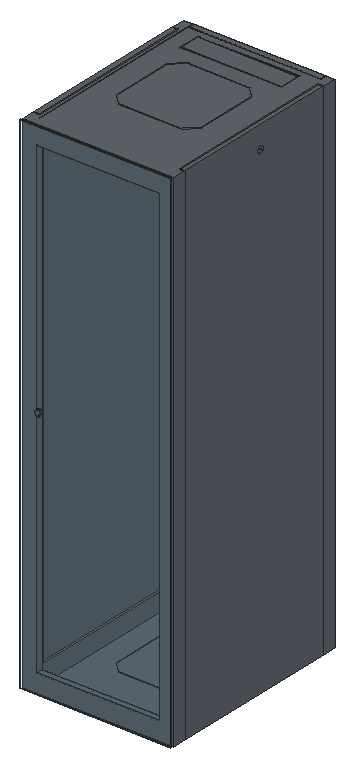
Revit family "Baies Linkeo avec porte avant simple largeur 600", category Equipement spécialisé, Revit 2020
Family settings
  Cote de connecteur circulaire = Utiliser le diamètre
  Type d'élément = Normal
  Numéro OmniClass = 23.85.05.17.11.14
  Titre OmniClass = Multimedia Broadcasting Equipment
  Basée sur le plan de construction = Non
  Toujours verticalement = Oui
  Couper avec des vides une fois chargée = Non
  Partagée = Oui
  Point de calcul de pièce = Non
Parameters (values of type "Baie Linkeo2 42U 600x800")
  Verrouillage de la porte avant = "A un point"
  Type de montage = "Frontal"
  Type d'aération = "Aucune"
  Température de stockage = "-25°C à 70°C"
  Température de fonctionnement = "-25°C à 70°C"
  Référence Legrand = "646761"
  RAL = "7016"
  Profondeur du modèle = 800.00 mm
  Profondeur = 830.00 mm
  Passage utile en largeur (mm) = 690.00 mm
  Passage utile en hauteur (mm) = 1881.00 mm
  Nombre de portes = "1"
  Nombre d'unités en hauteur = 42
  Modèle de largeur = 600.00 mm
  Modèle = "Corps fixe"
  Matériau de la porte avant = Verre
  Matériau = "Acier"
  Lien e-catalogue = "https://www.legrand.fr/reference/646761/pro"
  Libellé BIM = "Baie Linkeo2 42U 600x800"
  Largeur (mm) = 610.00 mm
  Indice de protection IP = "IP20"
  Type de pieds de nivellement = "Pieds de nivellement  600X800"
  Type de montants verticaux = "Montants verticaux pour armoires Linkeo  42U"
  Type de montants horizontaux = "Montants horizontaux pour armoires Linkeo  42U profondeur 800"
  Indice de protection IK = "IK08"
  Symbole de porte = "Symbole de porte  Porte 600mm"
  Hauteur = 2026.00 mm
  Fonction = "Baie Linkeo2"
  Finition du rail profilé = "Recourbée"
  Finition de surface = "Poudré"
  Emplacement de rack = 93.00 mm
  Elévation par défaut = 0.00 mm
  EAN = "3414971001558"
  Distance ouverture 1 = 257.00 mm
  Dimension modulaire = "19 pouces"
  Couleur = gris
  Classe d'application = "EC002499"
  Capacité de charge max = "400"
  Avec tôle de toit = yes
  Avec porte frontale = yes
  Avec mise à la terre = yes
Types (5, lengths in mm): name | Référence Legrand | Profondeur du modèle | Profondeur | Passage utile en largeur (mm) | Passage utile en hauteur (mm) | Nombre d'unités en hauteur | Lien e-catalogue | Libellé BIM | Type de pieds de nivellement | Type de montants verticaux | Type de montants horizontaux | Hauteur | EAN | Distance ouverture 1
  Baie Linkeo2 24U 600x600 | "646750" | 600.00 | 630.00 | 490.00 | 1081.00 | 24 | "https://www.legrand.fr/reference/646750/pro" | "Baie Linkeo2 24U 600x600" | "Pieds de nivellement  600X600" | "Montants verticaux pour armoires Linkeo  24U" | "Montants horizontaux pour armoires Linkeo  24U profondeur 600" | 1226.00 | "3414971001503" | 57.00
  Baie Linkeo2 42U 600x800 | "646761" | 800.00 | 830.00 | 690.00 | 1881.00 | 42 | "https://www.legrand.fr/reference/646761/pro" | "Baie Linkeo2 42U 600x800" | "Pieds de nivellement  600X800" | "Montants verticaux pour armoires Linkeo  42U" | "Montants horizontaux pour armoires Linkeo  42U profondeur 800" | 2026.00 | "3414971001558" | 257.00
  Baie Linkeo2 33U 600x600 | "646755" | 600.00 | 630.00 | 490.00 | 1481.00 | 33 | "https://www.legrand.fr/reference/646755/pro" | "Baie Linkeo2 33U 600x600" | "Pieds de nivellement  600X600" | "Montants verticaux pour armoires Linkeo  33U" | "Montants horizontaux pour armoires Linkeo  33U profondeur 600" | 1626.00 | "3414971001527" | 57.00
  Baie Linkeo2 42U 600x600 | "646760" | 600.00 | 630.00 | 490.00 | 1881.00 | 42 | "https://www.legrand.fr/reference/646760/pro" | "Baie Linkeo2 42U 600x600" | "Pieds de nivellement  600X600" | "Montants verticaux pour armoires Linkeo  42U" | "Montants horizontaux pour armoires Linkeo  42U profondeur 600" | 2026.00 | "3414971001541" | 57.00
  Baie Linkeo2 42U 600x1000 | "646762" | 1000.00 | 1030.00 | 890.00 | 1881.00 | 42 | "https://www.legrand.fr/reference/646762/pro" | "Baie Linkeo2 42U 600x1000" | "Pieds de nivellement  600X1000" | "Montants verticaux pour armoires Linkeo  42U" | "Montants horizontaux pour armoires Linkeo  42U profondeur 1000" | 2026.00 | "3414971001565" | 457.00
Reference planes
  plane 1 "Centre (avant/arrière)": y = 106
  plane 2: z = 0
  plane 3: x = 0
  plane 4: x = 600
  plane 5: z = 2026
  plane 6: y = -694
  plane 7: x = 55
  plane 8: x = 545
  plane 9: x = 300
  plane 10: z = 1953.5
  plane 11: z = 72.5
  plane 12: z = 1013
  plane 13: y = -692
  plane 14: x = 300
  plane 15: y = -444.5
  plane 16: y = 455.094
  plane 17: x = 1428.928
  plane 18: z = -485.313
  plane 19: x = 2466.566
  plane 20: z = 1013
  plane 21: x = 300
  plane 22: x = 500
  plane 23: x = 100
  plane 24: x = 300
  plane 25: y = -601
  plane 26: x = 525
  plane 27: y = -599.5
  plane 28: x = 556.5
  plane 29: x = 558
  plane 30: y = -560.5
  plane 31: y = -559
  plane 32: x = 534.5
  plane 33: x = 536
  plane 34: z = 80
  plane 35: z = 89.5
  plane 36: x = 528.5
  plane 37: x = 538
  plane 38: z = 111.75
  plane 39: z = 121.25
  plane 40: y = -742.5
  plane 41: y = -752
  plane 42: z = 105.38
  plane 43: z = 95.88
  plane 44: x = 77
  plane 45: x = 67.5
  plane 46: x = 66
  plane 47: z = 77.5
  plane 48: z = 1991
  plane 49: z = 1013
  plane 50: y = -694
  plane 51: y = 66
  plane 52: z = 35
  plane 53: y = -601
  plane 54 "Panneaux gauche": y = -597.5
  plane 55 "Panneaux droit": y = 62.5
  plane 56 "Panneaux haut": z = 1989
  plane 57: z = 1941
  plane 58: z = 1941
  plane 59: y = -267.5
  plane 60: x = 175
  plane 61: x = 425
  plane 62: y = 54
  plane 63: y = -36
  plane 64: x = 98
  plane 65: x = 502
  plane 66: x = 131
  plane 67: y = -344.658
  plane 68: x = 469
  plane 69: y = -6.658
  plane 70: x = 133.5
  plane 71: y = -9.158
  plane 72: y = -342.158
  plane 73: x = 466.5
  plane 74: y = -50.658
  plane 75: y = -300.158
  plane 76: through (150.891, -321.084, 1200) normal (-0.7071, -0.7071, 0)
  plane 77: through (440.304, -329.89, 1200) normal (-0.7071, 0.7071, 0)
  plane 78: through (446.349, -26.971, 1200) normal (-0.7071, -0.7071, 0)
  plane 79: through (445.75, -29.908, 1200) normal (-0.7071, -0.7071, 0)
  plane 80: through (150.227, -316.885, 1200) normal (-0.7071, -0.7071, 0)
  plane 81: through (445.5, -321.158, 1200) normal (-0.7071, 0.7071, 0)
  plane 82: x = 100.5
  plane 83: y = 91.5
  plane 84: y = 7.5
  plane 85: x = 499.5
  plane 86: x = 131
  plane 87: y = -437
  plane 88: x = 469
  plane 89: y = -99
  plane 90: x = 133.5
  plane 91: y = -101.5
  plane 92: y = -434.5
  plane 93: x = 466.5
  plane 94: y = -143
  plane 95: y = -392.5
  plane 96: through (150.891, -413.426, 577) normal (-0.7071, -0.7071, 0)
  plane 97: through (440.304, -422.232, 577) normal (-0.7071, 0.7071, 0)
  plane 98: through (446.349, -119.313, 577) normal (-0.7071, -0.7071, 0)
  plane 99: through (445.75, -122.25, 577) normal (-0.7071, -0.7071, 0)
  plane 100: through (150.227, -409.227, 577) normal (-0.7071, -0.7071, 0)
  plane 101: through (445.5, -413.5, 577) normal (-0.7071, 0.7071, 0)
  plane 102: x = 51
  plane 103: x = 141
  plane 104: y = -92
  plane 105: y = -496
  plane 106: y = -94.5
  plane 107: x = 53.5
  plane 108: x = 459
  plane 109: x = 549
  plane 110: through (113.028, -163.472, 1200) normal (-0.7071, 0.7071, 0)
  plane 111: through (194.144, -78.82, 1200) normal (0.7071, -0.7071, 0)
  plane 112: through (113.028, -71.13, 1823) normal (-0.7071, 0.7071, 0)
  plane 113: through (194.144, 13.522, 1823) normal (0.7071, -0.7071, 0)
  plane 114: x = 175.5
  plane 115: through (175.5, -434.5, 1200) normal (-0.7071, -0.7071, 0)
  plane 116: x = 424.5
  plane 117: through (424.5, -434.5, 1200) normal (-0.7071, 0.7071, 0)
  plane 118: through (133.5, -143, 1200) normal (-0.7071, 0.7071, 0)
  plane 119: through (425, -101.5, 1200) normal (0.7071, 0.7071, 0)
  plane 120: x = 175.5
  plane 121: through (175.5, -342.158, 1823) normal (-0.7071, -0.7071, 0)
  plane 122: x = 424.5
  plane 123: through (424.5, -342.158, 1823) normal (-0.7071, 0.7071, 0)
  plane 124: through (133.5, -50.658, 1823) normal (-0.7071, 0.7071, 0)
  plane 125: through (425, -9.158, 1823) normal (0.7071, 0.7071, 0)
  plane 126: y = -601
  plane 127: z = 124.45
  plane 128: x = 42
  plane 129: y = -493.5
  plane 130: x = 100.5
  plane 131: x = 100.5
  plane 132: x = 100.5
  plane 133: x = 561.5
  plane 134: z = 1958
  plane 135: y = -294
  plane 136: y = 84.5
  plane 137: y = -672.5
  plane 138: x = 41
  plane 139: x = 559
  plane 140: x = 300
  plane 141: z = 5959
  plane 142: z = 1958
  plane 143: y = -694
  plane 144: z = 72
  plane 145: z = 1954
  plane 146: y = 82.5
  plane 147: y = -670.5
  plane 148: x = 138.5
  plane 149: x = 546.5
  plane 150: x = 578.5
  plane 151: x = 21.5
  plane 152: z = 1953.5
  plane 153: z = 72.5
  plane 154: z = 1013
  plane 155: y = -294
  plane 156: y = 51
  plane 157: y = -639
  plane 158: x = 36.5
  plane 159: x = 563.5
  plane 160: y = 84.5
  plane 161: y = -294
  plane 162: y = -709
  plane 163: y = -704
  plane 164: y = -294
Forms (mm)
  Extrusion 1, solid, material "gris" <- "Couleur"
    sketch origin (0, 0, 0) x (0, 1, 0) y (0, 0, 1)
      loop
        line (-694, 0) -> (106, 0) -> (106, 2026) -> (-694, 2026) -> (-694, 0)
    from 0 to 600
  Extrusion 2, void
    sketch origin (-250, 82.5, 1200) x (1, 0, 0) y (0, 0, 1)
      loop
        line (285, 824) -> (285, -1198) -> (815, -1198) -> (815, 824) -> (285, 824)
    from 0 to 753
  Extrusion 3, void
    sketch origin (0, 106, 0) x (1, 0, 0) y (0, 0, 1)
      loop
        line (55, 1953.5) -> (55, 72.5) -> (545, 72.5) -> (545, 1953.5) -> (55, 1953.5)
    from 0 to 800
  Extrusion 4, solid, material "gris"
    sketch origin (-562.617, -709, 541.471) x (1, 0, 0) y (0, 0, 1)
      loop
        circle (638.746, 471.529) r 12
    from 0 to 5
  Extrusion 5, void
    sketch origin (-561.997, -714, 541.306) x (-1, 0, 0) y (0, 0, 1)
      loop
        line (-631.856, 476.03) -> (-633.789, 477.963) -> (-644.395, 467.357) -> (-642.463, 465.424) -> (-631.856, 476.03)
    from 0 to 2
  Extrusion 6, solid, material "gris", not visible
    sketch origin (50.552, -709, -159.029) x (1, 0, 0) y (0, 0, 1)
      loop
        circle (638.746, 471.529) r 12
    from 0 to 5
  Extrusion 7, void, not visible
    sketch origin (51.172, -714, -159.194) x (-1, 0, 0) y (0, 0, 1)
      loop
        line (-631.856, 476.03) -> (-633.789, 477.963) -> (-644.395, 467.357) -> (-642.463, 465.424) -> (-631.856, 476.03)
    from 0 to 2
  Extrusion 8, solid, material "gris" <- "Couleur", not visible
    sketch origin (-100, 47, -855.959) x (0, -1, 0) y (0, 0, 1)
      loop
        circle (154, 1149) r 12
    from 0 to 4
  Extrusion 9, void, not visible
    sketch origin (-104, 531.38, -177.686) x (0, 1, 0) y (0, 0, 1)
      loop
        line (-631.856, 476.03) -> (-633.789, 477.963) -> (-644.395, 467.357) -> (-642.463, 465.424) -> (-631.856, 476.03)
    from 0 to 2
  Extrusion 10, solid, material "gris" <- "Couleur"
    sketch origin (0, -113.5, 792) x (0, -1, 0) y (0, 0, 1)
      loop
        circle (154, 1149) r 12
    from 0 to 4
  Extrusion 11, void
    sketch origin (-4, 370.88, 1470.273) x (0, 1, 0) y (0, 0, 1)
      loop
        line (-631.856, 476.03) -> (-633.789, 477.963) -> (-644.395, 467.357) -> (-642.463, 465.424) -> (-631.856, 476.03)
    from 0 to 2
  Extrusion 12, solid, material "gris" <- "Couleur", not visible
    sketch origin (621, -865.746, -189.529) x (0, 1, 0) y (0, 0, 1)
      loop
        circle (638.746, 471.529) r 12
    from 0 to 4
  Extrusion 13, void, not visible
    sketch origin (625, -865.126, -189.694) x (0, -1, 0) y (0, 0, 1)
      loop
        line (-631.856, 476.03) -> (-633.789, 477.963) -> (-644.395, 467.357) -> (-642.463, 465.424) -> (-631.856, 476.03)
    from 0 to 2
  Extrusion 14, void
    sketch origin (0, -23, 0) x (1, 0, 0) y (0, 1, 0)
      loop
        line (131, -118.964) -> (131, -370.536) -> (174.464, -414) -> (425.536, -414) -> (469, -370.536) -> (469, -118.964) -> (426.036, -76) -> (173.964, -76) -> (131, -118.964)
    from 2026 to 0
  Extrusion 15, void
    sketch origin (0, -694, 0) x (0, -1, 0) y (1, 0, 0)
      loop
        line (-658, 98) -> (-658, 502) -> (-748, 502) -> (-748, 98) -> (-658, 98)
    from 0 to 2026
  Extrusion 16, solid, material "gris" <- "Couleur"
    sketch origin (698, 106, 2026) x (-1, 0, 0) y (0, -1, 0)
      loop
        line (597.5, 56) -> (597.5, 138.5) -> (198.5, 138.5) -> (198.5, 56) -> (597.5, 56)
    from 0 to -2
  Extrusion 17, solid, material "gris" <- "Couleur", not visible
    sketch origin (698, 146, 625) x (-1, 0, 0) y (0, -1, 0)
      loop
        line (597.5, 56) -> (597.5, 138.5) -> (198.5, 138.5) -> (198.5, 56) -> (597.5, 56)
    from 0 to -2
  Extrusion 18, solid, material "gris" <- "Couleur"
    sketch origin (698, 106, 2) x (-1, 0, 0) y (0, -1, 0)
      loop
        line (597.5, 56) -> (597.5, 138.5) -> (198.5, 138.5) -> (198.5, 56) -> (597.5, 56)
    from 0 to -2
  Extrusion 19, solid, material "gris" <- "Couleur"
    sketch origin (-100, -454, 0) x (1, 0, 0) y (0, -1, 0)
      loop
        line (233.5, -311) -> (275, -352.5) -> (525, -352.5) -> (566.5, -311) -> (566.5, -61.5) -> (524.5, -19.5) -> (275.5, -19.5) -> (233.5, -61.5) -> (233.5, -311)
    from 0 to -2
  Extrusion 20, solid, material "gris" <- "Couleur"
    sketch origin (0, 106, 2026) x (0, -1, 0) y (1, 0, 0)
      loop
        line (207.5, 175) -> (249, 133.5) -> (498.5, 133.5) -> (540.5, 175.5) -> (540.5, 424.5) -> (498.5, 466.5) -> (249, 466.5) -> (207.5, 425) -> (207.5, 175)
    from -2 to 0
  Extrusion 21, void
    sketch origin (0, 106, 0) x (1, 0, 0) y (0, 0, 1)
      loop
        line (549, 1954) -> (51, 1954) -> (51, 72) -> (549, 72) -> (549, 1954)
    from 2 to 0
  Extrusion 22, solid, material "gris" <- "Couleur"
    sketch origin (938.746, 106, 1467.471) x (-1, 0, 0) y (0, 0, 1)
      loop
        circle (638.746, 471.529) r 12
    from 0 to 4
  Extrusion 23, void
    sketch origin (938.126, 110, 1467.306) x (1, 0, 0) y (0, 0, 1)
      loop
        line (-631.856, 476.03) -> (-633.789, 477.963) -> (-644.395, 467.357) -> (-642.463, 465.424) -> (-631.856, 476.03)
    from 0 to 2
  Extrusion 24, solid, material "gris" <- "Couleur"
    sketch origin (600, -421.5, 792) x (0, 1, 0) y (0, 0, 1)
      loop
        circle (154, 1149) r 12
    from 0 to 4
  Extrusion 25, void
    sketch origin (604, -905.88, 1470.273) x (0, -1, 0) y (0, 0, 1)
      loop
        line (-631.856, 476.03) -> (-633.789, 477.963) -> (-644.395, 467.357) -> (-642.463, 465.424) -> (-631.856, 476.03)
    from 0 to 2
  Extrusion 26, void
    sketch origin (0, 0, 0) x (0, 1, 0) y (0, 0, 1)
      loop
        line (51, 2026) -> (-639, 2026) -> (-639, 0) -> (51, 0) -> (51, 2026)
    from 0 to 21.5
  Extrusion 27, solid, material "gris" <- "Couleur"
    sketch origin (0, 0, 0) x (0, 1, 0) y (0, 0, 1)
      loop
        line (51, 2026) -> (-639, 2026) -> (-639, 0) -> (51, 0) -> (51, 2026)
    from 0 to 21.5
  Extrusion 28, solid, material "gris" <- "Couleur"
    sketch origin (600, 0, 0) x (0, 1, 0) y (0, 0, 1)
      loop
        line (-639, 2026) -> (-639, 0) -> (51, 0) -> (51, 2026) -> (-639, 2026)
    from 0 to -21.5
  Extrusion 29, solid, material "gris" <- "Couleur"
    sketch origin (0, 106, 0) x (1, 0, 0) y (0, 0, 1)
      loop
        line (563.5, 2026) -> (36.5, 2026) -> (36.5, 0) -> (563.5, 0) -> (563.5, 2026)
    from 0 to 21.5
  Extrusion 30, void
    sketch origin (600, 0, 0) x (0, -1, 0) y (0, 0, 1)
      loop
        line (639, 2026) -> (-51, 2026) -> (-51, 0) -> (639, 0) -> (639, 2026)
    from 0 to 21.5
  Extrusion 31, void
    sketch origin (0, 0, 0) x (0, 1, 0) y (0, 0, 1)
      loop
        line (51, 1953.5) -> (-639, 1953.5) -> (-639, 72.5) -> (51, 72.5) -> (51, 1953.5)
    from 0 to 600
  Extrusion 32, void
    sketch origin (0, 106, 2026) x (1, 0, 0) y (0, -1, 0)
      loop
        line (36.5, 21.5) -> (36.5, 0) -> (563.5, 0) -> (563.5, 21.5) -> (36.5, 21.5)
    from 0 to 2026
  Extrusion 33, solid, material "Verre" <- "Matériau de la porte avant"
    sketch origin (0, 106, 2026) x (0, -1, 0) y (1, 0, 0)
      loop
        line (815, 0) -> (815, 600) -> (810, 600) -> (810, 0) -> (815, 0)
    from -2026 to 4
  Extrusion 34, solid, material "gris" <- "Couleur", not visible
    sketch origin (600, -321.5, -8) x (0, 1, 0) y (0, 0, 1)
      loop
        circle (154, 1149) r 12
    from 0 to 4
  Extrusion 35, void, not visible
    sketch origin (604, -805.88, 670.273) x (0, -1, 0) y (0, 0, 1)
      loop
        line (-631.856, 476.03) -> (-633.789, 477.963) -> (-644.395, 467.357) -> (-642.463, 465.424) -> (-631.856, 476.03)
    from 0 to 2
Cuts and joins
  Extrusion 2, Extrusion 3, Extrusion 14, Extrusion 15, Extrusion 21, Extrusion 26, Extrusion 30, Extrusion 31, Extrusion 32 cuts Extrusion 1
  Extrusion 5 cuts Extrusion 4
  Extrusion 11, Extrusion 31 cuts Extrusion 10
  Extrusion 23 cuts Extrusion 22
  Extrusion 25, Extrusion 30 cuts Extrusion 24
Lines and regions (mm)
  model lines, not visible
    curve 1: line (488, 106, 1013) -> (512, 106, 1013)
    curve 2: line (-104, -119, 293.041) -> (-104, -107, 293.041)
    curve 3: line (-4, -279.5, 1941) -> (-4, -267.5, 1941)
    curve 4: line (661, -215, 282) -> (661, -227, 282)
    curve 5: line (-139, -227, 282) -> (-139, -227, 270)
    curve 6: line (0, -254, 1667) -> (0, -254, 1655)
    curve 7: line (-100, -93.5, 19.041) -> (-100, -93.5, 7.041)
    curve 8: line (288, 146, 1939) -> (300, 146, 1939)
    curve 9: line (300, -654, 1939) -> (300, -654, 1927)
    curve 10: line (604, -255.5, 1941) -> (604, -267.5, 1941)
    curve 11: line (700, -281, 1667) -> (700, -281, 1655)
    curve 12: line (600, -281, 1667) -> (600, -271, 1667)
    curve 13: line (0, -93.5, 19.041) -> (0, -103.5, 19.041)
    curve 14: line (100, -254, 1667) -> (100, -264, 1667)
    curve 15: line (600, -654, 1927) -> (600, -639, 1927)
    curve 16: line (-139, -527, 270) -> (-124, -527, 270)
    curve 17: line (700, -181, 867) -> (700, -181, 855)
    curve 18: line (600, -181, 867) -> (600, -171, 867)
Dimensions and locks
  "Modèle de largeur": plane 4 to plane 3
  "Hauteur": plane 5 to level
  "Profondeur du modèle": plane 6 to plane 1 "Centre (avant/arrière)"
  locked: plane 7 to plane 8 at 490
  equal spacing: plane 7, plane 9, plane 8
  equal spacing: plane 4, plane 9, plane 3
  equal spacing: plane 5, plane 12, level
  equal spacing: plane 10, plane 12, plane 11
  "Passage utile en hauteur (mm)": plane 10 to plane 11
  Extrusion 2 sketch curve to plane 3 = 35.00 mm
  Extrusion 2 sketch curve to plane 4 = 35.00 mm
  locked: Extrusion 2 sketch curve to level at 2
  locked: plane 5 to Extrusion 2 sketch curve at 2
  locked: plane 6 to plane 13 at 2
  cut or joined group 1 (Extrusion 1, Extrusion 2, Extrusion 3, Extrusion 14, Extrusion 15, Extrusion 21, Extrusion 26, Extrusion 30, Extrusion 31, Extrusion 32) to plane 1 "Centre (avant/arrière)" = 23.50 mm
  equal spacing: plane 3, plane 14, plane 4
  equal spacing: plane 23, plane 24, plane 22
  "Emplacement de rack": plane 25 to plane 6
  locked: plane 27 to plane 25 at 1.5
  locked: plane 28 to plane 29 at 1.5
  locked: plane 30 to plane 31 at 1.5
  locked: plane 32 to plane 33 at 1.5
  plane 29 to cut or joined group 1 = 7.00 mm
  locked: plane 26 to plane 28 at 31.5
  locked: plane 31 to plane 25 at 42
  locked: plane 32 to plane 29 at 23.5
  locked: plane 34 to level at 80
  locked: plane 35 to plane 34 at 9.5
  locked: plane 36 to plane 37 at 9.5
  locked: plane 26 to plane 36 at 3.5
  locked: plane 39 to plane 38 at 9.5
  locked: plane 38 to plane 34 at 31.75
  plane 41 to plane 40 = 9.50 mm
  locked: plane 42 to plane 43 at 9.5
  plane 43 to plane 35 = 6.38 mm
  locked: plane 45 to plane 46 at 1.5
  locked: plane 47 to plane 11 at 5
  plane 5 to plane 48 to plane 10 = 35.00 mm, 37.50 mm
  locked: plane 51 to plane 1 "Centre (avant/arrière)" at 40
  locked: plane 52 to level at 35
  locked: plane 48 to plane 5 at 35
  locked: plane 25 to plane 54 "Panneaux gauche" at 3.5
  locked: plane 55 "Panneaux droit" to plane 51 at 3.5
  locked: plane 56 "Panneaux haut" to plane 48 at 2
  plane 57 to plane 5 = 85.00 mm
  locked: plane 5 to plane 58 at 85
  plane 54 "Panneaux gauche" to plane 55 "Panneaux droit" = 660.00 mm
  equal spacing: plane 54 "Panneaux gauche", plane 59, plane 55 "Panneaux droit"
  locked: plane 64 to plane 65 at 404
  locked: plane 104 to plane 105 at 404
  locked: plane 102 to plane 103 at 90
  locked: plane 104 to plane 106 at 2.5
  locked: plane 102 to plane 107 at 2.5
  locked: plane 3 to plane 102 at 51
  locked: plane 108 to plane 109 at 90
  plane 109 to plane 4 = 51.00 mm
  "Distance ouverture 1": plane 50 to plane 87
  locked: plane 127 to plane 34 at 44.45
  equal spacing: plane 128, plane 24, plane 29
  locked: plane 128 to plane 29 at 516
  plane 1 "Centre (avant/arrière)" to plane 62 = 52.00 mm
  cut or joined group 1 to plane 63 = 90.00 mm
  plane 129 to plane 105 = 2.50 mm
  plane 5 to plane 134 = 68.00 mm
  equal spacing: plane 136, plane 135, plane 137
  equal spacing: plane 1 "Centre (avant/arrière)", plane 135, plane 6
  equal spacing: plane 138, plane 140, plane 139, locked at 259 each
  plane 141 to plane 20 = 4946.00 mm
  equal spacing: Extrusion 26 sketch curve, plane 135, Extrusion 26 sketch curve
  "Passage utile en largeur (mm)": Extrusion 26 sketch curve to Extrusion 26 sketch curve
  locked: plane 144 to level at 72
  plane 5 to plane 145 = 72.00 mm
  locked: plane 1 "Centre (avant/arrière)" to plane 146 at 23.5
  locked: plane 50 to plane 147 at 23.5
  locked: plane 148 to plane 103 at 2.5
  locked: plane 149 to plane 109 at 2.5
  locked: plane 150 to plane 4 at 21.5
  locked: plane 3 to plane 151 at 21.5
  equal spacing: plane 152, plane 154, plane 153
  "Passage utile en hauteur (mm)": plane 152 to plane 153
  equal spacing: plane 156, plane 155, plane 157
  "Passage utile en largeur (mm)": plane 156 to plane 157
  locked: plane 3 to plane 158 at 36.5
  locked: plane 159 to plane 4 at 36.5
  locked: plane 1 "Centre (avant/arrière)" to plane 160 at 21.5
  equal spacing: plane 1 "Centre (avant/arrière)", plane 161, plane 143
  locked: plane 163 to plane 162 at 5
  locked: plane 163 to plane 50 at 10
  cut or joined group of Extrusion 4, Extrusion 5 to Extrusion 33 = 5.00 mm
  equal spacing: plane 50, plane 164, plane 1 "Centre (avant/arrière)"
  locked: curve 11 to curve 6 at 27
  locked: curve 12 to curve 14
  locked: curve 15 to plane 5 at 99
  aligned and locked: level to plane 2
  aligned and locked: Extrusion 1 sketch curve to level
  aligned and locked: Extrusion 1 sketch curve to plane 6
  aligned and locked: plane 5 to Extrusion 1 sketch curve
  aligned and locked: Extrusion 1 sketch curve to plane 1 "Centre (avant/arrière)"
  aligned and locked: Extrusion 1 to plane 4
  aligned and locked: Extrusion 1 to plane 3
  aligned and locked: Extrusion 3 sketch curve to plane 10
  aligned and locked: Extrusion 3 sketch curve to plane 7
  aligned and locked: plane 11 to Extrusion 3 sketch curve
  aligned and locked: Extrusion 3 sketch curve to plane 8
  aligned and locked: Extrusion 1 to Extrusion 3  (x2)
  aligned and locked: plane 24 to plane 9
  aligned and locked: plane 20 to plane 12
  aligned and locked: plane 49 to Extrusion 4
  aligned and locked: plane 49 to plane 20
  aligned and locked: plane 6 to plane 50
  aligned and locked: plane 57 to curve 3
  aligned and locked: plane 59 to curve 3
  aligned and locked: Extrusion 15 sketch curve to plane 64
  aligned and locked: plane 65 to Extrusion 15 sketch curve
  aligned and locked: Extrusion 16 to cut or joined group 1
  aligned and locked: Extrusion 1 to Extrusion 15
  aligned and locked: Extrusion 14 sketch curve to plane 86
  aligned and locked: Extrusion 14 sketch curve to plane 111
  aligned and locked: Extrusion 14 sketch curve to plane 89
  aligned and locked: Extrusion 14 sketch curve to plane 98
  aligned and locked: Extrusion 14 sketch curve to plane 88
  aligned and locked: Extrusion 14 sketch curve to plane 97
  aligned and locked: Extrusion 14 sketch curve to plane 87
  aligned and locked: Extrusion 14 sketch curve to plane 96
  aligned and locked: Extrusion 19 sketch curve to plane 110
  aligned and locked: Extrusion 19 sketch curve to plane 91
  aligned and locked: Extrusion 19 sketch curve to plane 99
  aligned and locked: Extrusion 19 sketch curve to plane 93
  aligned and locked: Extrusion 19 sketch curve to plane 101
  aligned and locked: Extrusion 19 sketch curve to plane 92
  aligned and locked: Extrusion 19 sketch curve to plane 100
  aligned and locked: Extrusion 19 sketch curve to plane 90
  aligned and locked: Extrusion 20 sketch curve to Extrusion 19  (x8)
  aligned and locked: Extrusion 20 to cut or joined group 1
  aligned and locked: plane 5 to Extrusion 20
  aligned and locked: Extrusion 19 to level
  aligned and locked: plane 109 to Extrusion 21 sketch curve
  aligned and locked: plane 102 to Extrusion 21 sketch curve
  aligned and locked: Extrusion 21 to Extrusion 1
  aligned and locked: plane 126 to plane 25
  aligned and locked: Extrusion 15 sketch curve to plane 62
  aligned and locked: Extrusion 15 sketch curve to plane 63
  aligned and locked: Extrusion 16 to plane 130
  aligned and locked: Extrusion 17 to plane 131
  aligned and locked: Extrusion 18 to plane 132
  aligned and locked: Extrusion 1 to Extrusion 14
  aligned and locked: plane 140 to plane 14
  aligned and locked: plane 142 to plane 134
  aligned and locked: plane 145 to Extrusion 21 sketch curve
  aligned and locked: Extrusion 21 sketch curve to plane 144
  aligned and locked: cut or joined group 1 to Extrusion 27 sketch curve
  aligned and locked: Extrusion 27 sketch curve to cut or joined group 1
  aligned and locked: Extrusion 28 sketch curve to cut or joined group 1  (x4)
  aligned and locked: plane 146 to Extrusion 2
  aligned and locked: Extrusion 2 to plane 147
  aligned and locked: Extrusion 28 to plane 150
  aligned and locked: Extrusion 27 to plane 151
  aligned and locked: plane 5 to Extrusion 26 sketch curve
  aligned and locked: Extrusion 26 sketch curve to level
  aligned and locked: Extrusion 26 to Extrusion 27
  aligned and locked: Extrusion 30 sketch curve to Extrusion 28  (x2)
  aligned and locked: Extrusion 30 sketch curve to cut or joined group 1  (x2)
  aligned and locked: Extrusion 30 to Extrusion 28
  aligned and locked: plane 5 to Extrusion 27 sketch curve
  aligned and locked: Extrusion 27 sketch curve to level
  aligned and locked: plane 12 to plane 154
  aligned and locked: Extrusion 31 sketch curve to plane 11
  aligned and locked: Extrusion 31 sketch curve to plane 157
  aligned and locked: plane 156 to Extrusion 31 sketch curve
  aligned and locked: plane 10 to Extrusion 31 sketch curve
  aligned and locked: Extrusion 31 to plane 4
  aligned and locked: plane 160 to Extrusion 32 sketch curve
  aligned and locked: plane 158 to Extrusion 32 sketch curve
  aligned and locked: plane 1 "Centre (avant/arrière)" to Extrusion 32 sketch curve
  aligned and locked: Extrusion 32 sketch curve to plane 159
  aligned and locked: Extrusion 1 to Extrusion 32
  aligned and locked: plane 5 to Extrusion 29 sketch curve
  aligned and locked: Extrusion 29 sketch curve to level
  aligned and locked: Extrusion 29 sketch curve to cut or joined group 1  (x2)
  aligned and locked: Extrusion 29 to cut or joined group 1
  aligned and locked: plane 135 to plane 155
  aligned and locked: Extrusion 33 sketch curve to plane 162
  aligned and locked: Extrusion 33 sketch curve to plane 3
  aligned and locked: Extrusion 33 sketch curve to plane 163
  aligned and locked: Extrusion 33 sketch curve to plane 4
  aligned and locked: cut or joined group 1 to Extrusion 33
  aligned and locked: Extrusion 4 to Extrusion 33
  aligned and locked: curve 12 to curve 11
  aligned and locked: curve 13 to curve 7
  aligned and locked: curve 14 to curve 6
Automatic sketch dimensions
  Extrusion 5 sketch curve to Extrusion 5 sketch curve = 1.933 mm  (x2)
  Extrusion 5 sketch curve to Extrusion 5 sketch curve = 10.607 mm
  Extrusion 7 sketch curve to Extrusion 7 sketch curve = 1.933 mm  (x2)
  Extrusion 7 sketch curve to Extrusion 7 sketch curve = 10.607 mm
  Extrusion 9 sketch curve to Extrusion 9 sketch curve = 1.933 mm  (x2)
  Extrusion 9 sketch curve to Extrusion 9 sketch curve = 10.607 mm
  Extrusion 11 sketch curve to Extrusion 11 sketch curve = 1.933 mm  (x2)
  Extrusion 11 sketch curve to Extrusion 11 sketch curve = 10.607 mm
  Extrusion 13 sketch curve to Extrusion 13 sketch curve = 1.933 mm  (x2)
  Extrusion 13 sketch curve to Extrusion 13 sketch curve = 10.607 mm
  curve 5 to curve 5 = 12.00 mm
  curve 6 to curve 6 = 12.00 mm
  curve 7 to curve 7 = 12.00 mm
  Extrusion 23 sketch curve to Extrusion 23 sketch curve = 1.933 mm  (x2)
  Extrusion 23 sketch curve to Extrusion 23 sketch curve = 10.607 mm
  curve 9 to curve 9 = 12.00 mm
  curve 1 to plane 12 = 0.00 mm
  curve 1 to plane 85 = 11.50 mm
  plane 65 to curve 1 = 10.00 mm
  Extrusion 18 sketch curve to Extrusion 18 sketch curve = 399.00 mm
  Extrusion 18 sketch curve to Extrusion 18 sketch curve = 82.50 mm
  Extrusion 16 sketch curve to Extrusion 16 sketch curve = 399.00 mm
  Extrusion 16 sketch curve to Extrusion 16 sketch curve = 82.50 mm
  Extrusion 17 sketch curve to Extrusion 17 sketch curve = 399.00 mm
  Extrusion 17 sketch curve to Extrusion 17 sketch curve = 82.50 mm
  Extrusion 25 sketch curve to Extrusion 25 sketch curve = 1.933 mm  (x2)
  Extrusion 25 sketch curve to Extrusion 25 sketch curve = 10.607 mm
  curve 11 to curve 11 = 12.00 mm  (x2)
  curve 10 to curve 10 = 12.00 mm  (x2)
  curve 2 to curve 2 = 12.00 mm
  curve 3 to curve 3 = 12.00 mm
  curve 12 to curve 12 = 10.00 mm  (x2)
  curve 13 to curve 13 = 10.00 mm
  curve 14 to curve 14 = 10.00 mm
  curve 15 to curve 15 = 15.00 mm
  curve 16 to curve 16 = 15.00 mm
  Extrusion 35 sketch curve to Extrusion 35 sketch curve = 1.933 mm  (x2)
  Extrusion 35 sketch curve to Extrusion 35 sketch curve = 10.607 mm
  curve 18 to curve 18 = 10.00 mm
  curve 17 to curve 17 = 12.00 mm
  radius of Extrusion 4 sketch curve = 12.00 mm
  radius of Extrusion 6 sketch curve = 12.00 mm
  radius of Extrusion 12 sketch curve = 12.00 mm
  radius of Extrusion 10 sketch curve = 12.00 mm
  radius of Extrusion 8 sketch curve = 12.00 mm
  radius of Extrusion 22 sketch curve = 12.00 mm
  radius of Extrusion 24 sketch curve = 12.00 mm
  radius of Extrusion 34 sketch curve = 12.00 mm
